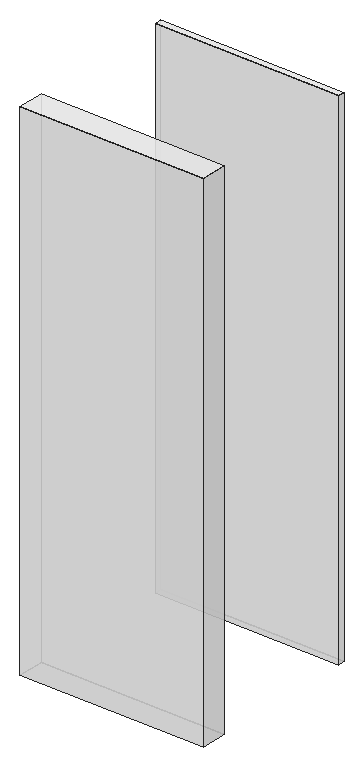
Revit family "SH-5401", category Lighting Fixtures, host Face, Revit 2017
Family settings
  Host = Face
  Round Connector Dimension = Use Diameter
  Part Type = Normal
  Cut with Voids When Loaded = No
  Light Source = No
  Shared = No
  Room Calculation Point = No
Parameters (values of type "SH-5401(Graphite color-3000K-LED)")
  website = "www.shoaco.com"
  instalation = ""
  consumption current = 0.04 A
  color temperature = "4000K"
  color rendering index(CRI) = "80"
  Width = 15.6593 cm
  Wattage. = 9 W
  Voltage/Frequency = "230v/50hz"
  URL = "https://www.shoaco.com/fa/product/%DA%86%D8%B1%D8%A7%D8%BA-%D9%87%D8%A7%DB%8C-%D8%AD%DB%8C%D8%A7%D8%B7%DB%8C/317-%DA%86%D8%B1%D8%A7%D8%BA-%D8%AD%DB%8C%D8%A7%D8%B7%DB%8C-%D9%85%D8%AF%D9%84-SH-5401.html"
  Type medule = "SMD-DOB"
  Protection Class = "Class I"
  Model = "SH-5401"
  Manufacturer = "SHOA"
  Length = 7.55 cm
  Lamp = "LED"
  IP = "IP54"
  Height = 29.7375 cm
  Flicker = "Low Flicker"
  Diffuser Material = "polycarbonate"
  Diffuser = Diffuser
  Default Elevation = 121.92 cm
  Body color = Graphite color
  Body Material = "Aluminum"
Reference planes (cm)
  plane 1 "Center (Front/Back)": y = 0
  plane 2: z = 0
  plane 3 "Center (Left/Right)": x = 0
  plane 4: z = 0
  plane 5: z = 29.7375
  plane 6: x = -7.832
  plane 7: x = 7.8273
  plane 8: y = 3.775
  plane 9: y = -3.775
Forms (cm)
  Extrusion 1, solid, material "Diffuser" <- "Diffuser"
    sketch origin (0, 0, 0.85) x (1, 0, 0) y (0, 0, 1)
      loop
        line (-2.88, 26.2) -> (-2.88, 10.2) -> (2.88, 10.2) -> (2.88, 26.2) -> (-2.88, 26.2)
    from 1.9181 to 2.75
  Extrusion 2, solid, material "Diffuser" <- "Diffuser"
    sketch origin (0, 0, 0.85) x (1, 0, 0) y (0, 0, 1)
      loop
        line (2.88, 26.2) -> (-2.88, 26.2) -> (-2.88, 10.2) -> (2.88, 10.2) -> (2.88, 26.2)
    from -2.75 to -2.55
Dimensions and locks (cm)
  "Height": plane 5 to host face
  "Width": plane 6 to plane 7
  "Length": plane 8 to plane 9
  aligned and locked: plane 2 to host face
  aligned and locked: level to host face
Automatic sketch dimensions
  host sketch curve to host sketch curve = 243.84 cm  (x2)
  Extrusion 1 sketch curve to plane 3 "Center (Left/Right)" = 2.88 cm
  plane 3 "Center (Left/Right)" to Extrusion 1 sketch curve = 2.88 cm
  level to Extrusion 1 sketch curve = 11.05 cm
  Extrusion 1 sketch curve to plane 5 = 2.6875 cm
  Extrusion 2 sketch curve to plane 3 "Center (Left/Right)" = 2.88 cm
  plane 3 "Center (Left/Right)" to Extrusion 2 sketch curve = 2.88 cm
  level to Extrusion 2 sketch curve = 11.05 cm
  Extrusion 2 sketch curve to plane 5 = 2.6875 cm
Nested families (cm)
  nested 1: "SMD-DOB" at (-1.5918, -6.8626, -12.4213), type "SMD-DOB"
  nested 2: "SMD-DOB" at (-0.5918, 7.1374, -12.4213) x (-1, 0, 0) z (0, 0, 1), type "SMD-DOB"
Connectors (cm)
  electrical at (0, 0, 0.65)
    settings: on free form element, index 1, voltage 230 V, apparent load 0 VA, apparent load phase1 0 VA, apparent load phase2 0 VA, apparent load phase3 0 VA, power factor 1, load classification "Other", number of poles 1, system type 31, power factor state 1, is connector primary yes, connector utility no, sub classification motor no, connector description ""
Definition of nested family "SMD-DOB"
  Parameters (values of type "SMD-DOB")
    Wattage = 4.5 W
    built-in parameter 1150110 = 1 (stored number, unit not read)
    built-in parameter 1114217 = 1 (stored number, unit not read)
    Tilt Angle = 90.00°
    built-in parameter 1150109 = 1 (stored number, unit not read)
    built-in parameter 1150134 = (empty or 0)
    built-in parameter 1150113 = 1 (stored number, unit not read)
    Photometric Web File = "4376_V-TAC7WLEDBulbE27A60Thermoplastic3000K_1-5117.ies"
    Lumens = 243.45 lm
    built-in parameter 1150115 = 1 (stored number, unit not read)
    built-in parameter 1150105 = 19.373 (stored number, unit not read)
    built-in parameter 1150137 = (empty or 0)
    built-in parameter 1150139 = (empty or 0)
    built-in parameter 1150112 = 1 (stored number, unit not read)
    built-in parameter 1150114 = 1 (stored number, unit not read)
    built-in parameter 1150132 = (empty or 0)
    built-in parameter 1150102 = (empty or 0)
    built-in parameter 1150138 = (empty or 0)
    built-in parameter 1150107 = 3000 (stored number, unit not read)
    built-in parameter 1150106 = 0.19373 (stored number, unit not read)
    Emit from Rectangle Width = 6 cm
    Emit from Rectangle Length = 6 cm
    Emit Shape Visible in Rendering = no
    built-in parameter 1150104 = 5.0261 (stored number, unit not read)
    Dimming Lamp Color Temperature Shift = (empty or 0)
    Color Filter = 16777215
    built-in parameter 1114218 = 1 (stored number, unit not read)
    built-in parameter 1150133 = 10 (stored number, unit not read)
  Reference planes (cm)
    plane 1 "Light Source Axis (F/B)": y = 0
    plane 2: z = 0
    plane 3 "Light Source Axis (L/R)": x = 0
    plane 4 "Light Source Elevation": z = 61.5261
  Dimensions and locks (cm)
    aligned and locked: plane 3 "Light Source Axis (L/R)" to imposter light
    aligned and locked: level to plane 2
